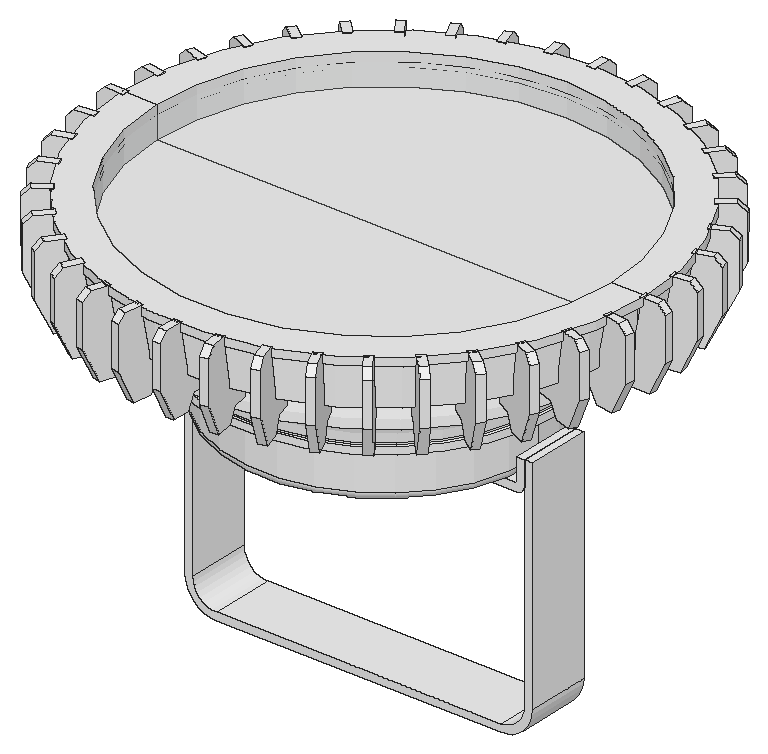
Revit family "HBLC", category Lighting Fixtures, host Face, Revit 2014 (continued)
Definition of nested family "KHL"
  Automatic sketch dimensions
    Extrusion 30 sketch curve to Extrusion 30 sketch curve = 0.57179"
    Extrusion 30 sketch curve to Extrusion 30 sketch curve = 0.43301"
    Extrusion 30 sketch curve to Extrusion 30 sketch curve = 1.02515"
    Extrusion 30 sketch curve to Extrusion 30 sketch curve = 0.80901"
    Extrusion 30 sketch curve to Extrusion 30 sketch curve = 0.99442"
    Extrusion 30 sketch curve to Extrusion 30 sketch curve = 0.15753"
    Extrusion 31 sketch curve to Extrusion 31 sketch curve = 0.50721"
    Extrusion 31 sketch curve to Extrusion 31 sketch curve = 0.250"  (x3)
    Extrusion 31 sketch curve to Extrusion 31 sketch curve = 0.80078"
    Extrusion 31 sketch curve to Extrusion 31 sketch curve = 0.19714"
    Extrusion 31 sketch curve to Extrusion 31 sketch curve = 0.5625"
    Extrusion 31 sketch curve to Extrusion 31 sketch curve = 0.57179"
    Extrusion 31 sketch curve to Extrusion 31 sketch curve = 0.43301"
    Extrusion 31 sketch curve to Extrusion 31 sketch curve = 1.02515"
    Extrusion 31 sketch curve to Extrusion 31 sketch curve = 0.80901"
    Extrusion 31 sketch curve to Extrusion 31 sketch curve = 0.99442"
    Extrusion 31 sketch curve to Extrusion 31 sketch curve = 0.15753"
    Extrusion 32 sketch curve to Extrusion 32 sketch curve = 0.50721"
    Extrusion 32 sketch curve to Extrusion 32 sketch curve = 0.250"  (x3)
    Extrusion 32 sketch curve to Extrusion 32 sketch curve = 0.80078"
    Extrusion 32 sketch curve to Extrusion 32 sketch curve = 0.19714"
    Extrusion 32 sketch curve to Extrusion 32 sketch curve = 0.5625"
    Extrusion 32 sketch curve to Extrusion 32 sketch curve = 0.57179"
    Extrusion 32 sketch curve to Extrusion 32 sketch curve = 0.43301"
    Extrusion 32 sketch curve to Extrusion 32 sketch curve = 1.02515"
    Extrusion 32 sketch curve to Extrusion 32 sketch curve = 0.80901"
    Extrusion 32 sketch curve to Extrusion 32 sketch curve = 0.99442"
    Extrusion 32 sketch curve to Extrusion 32 sketch curve = 0.15753"
    Extrusion 33 sketch curve to Extrusion 33 sketch curve = 0.50721"
    Extrusion 33 sketch curve to Extrusion 33 sketch curve = 0.250"  (x3)
    Extrusion 33 sketch curve to Extrusion 33 sketch curve = 0.80078"
    Extrusion 33 sketch curve to Extrusion 33 sketch curve = 0.19714"
    Extrusion 33 sketch curve to Extrusion 33 sketch curve = 0.5625"
    Extrusion 33 sketch curve to Extrusion 33 sketch curve = 0.57179"
    Extrusion 33 sketch curve to Extrusion 33 sketch curve = 0.43301"
    Extrusion 33 sketch curve to Extrusion 33 sketch curve = 1.02515"
    Extrusion 33 sketch curve to Extrusion 33 sketch curve = 0.80901"
    Extrusion 33 sketch curve to Extrusion 33 sketch curve = 0.99442"
    Extrusion 33 sketch curve to Extrusion 33 sketch curve = 0.15753"
    Extrusion 34 sketch curve to Extrusion 34 sketch curve = 0.50721"
    Extrusion 34 sketch curve to Extrusion 34 sketch curve = 0.250"  (x3)
    Extrusion 34 sketch curve to Extrusion 34 sketch curve = 0.80078"
    Extrusion 34 sketch curve to Extrusion 34 sketch curve = 0.19714"
    Extrusion 34 sketch curve to Extrusion 34 sketch curve = 0.5625"
    Extrusion 34 sketch curve to Extrusion 34 sketch curve = 0.57179"
    Extrusion 34 sketch curve to Extrusion 34 sketch curve = 0.43301"
    Extrusion 34 sketch curve to Extrusion 34 sketch curve = 1.02515"
    Extrusion 34 sketch curve to Extrusion 34 sketch curve = 0.80901"
    Extrusion 34 sketch curve to Extrusion 34 sketch curve = 0.99442"
    Extrusion 34 sketch curve to Extrusion 34 sketch curve = 0.15753"
    Extrusion 35 sketch curve to Extrusion 35 sketch curve = 0.50721"
    Extrusion 35 sketch curve to Extrusion 35 sketch curve = 0.250"  (x3)
    Extrusion 35 sketch curve to Extrusion 35 sketch curve = 0.80078"
    Extrusion 35 sketch curve to Extrusion 35 sketch curve = 0.19714"
    Extrusion 35 sketch curve to Extrusion 35 sketch curve = 0.5625"
    Extrusion 35 sketch curve to Extrusion 35 sketch curve = 0.57179"
    Extrusion 35 sketch curve to Extrusion 35 sketch curve = 0.43301"
    Extrusion 35 sketch curve to Extrusion 35 sketch curve = 1.02515"
    Extrusion 35 sketch curve to Extrusion 35 sketch curve = 0.80901"
    Extrusion 35 sketch curve to Extrusion 35 sketch curve = 0.99442"
    Extrusion 35 sketch curve to Extrusion 35 sketch curve = 0.15753"
    Extrusion 36 sketch curve to Extrusion 36 sketch curve = 0.50721"
    Extrusion 36 sketch curve to Extrusion 36 sketch curve = 0.250"  (x3)
    Extrusion 36 sketch curve to Extrusion 36 sketch curve = 0.80078"
    Extrusion 36 sketch curve to Extrusion 36 sketch curve = 0.19714"
    Extrusion 36 sketch curve to Extrusion 36 sketch curve = 0.5625"
    Extrusion 36 sketch curve to Extrusion 36 sketch curve = 0.57179"
    Extrusion 36 sketch curve to Extrusion 36 sketch curve = 0.43301"
    Extrusion 36 sketch curve to Extrusion 36 sketch curve = 1.02515"
    Extrusion 36 sketch curve to Extrusion 36 sketch curve = 0.80901"
    Extrusion 36 sketch curve to Extrusion 36 sketch curve = 0.99442"
    Extrusion 36 sketch curve to Extrusion 36 sketch curve = 0.15753"
    Extrusion 37 sketch curve to Extrusion 37 sketch curve = 0.50721"
    Extrusion 37 sketch curve to Extrusion 37 sketch curve = 0.250"  (x3)
    Extrusion 37 sketch curve to Extrusion 37 sketch curve = 0.80078"
    Extrusion 37 sketch curve to Extrusion 37 sketch curve = 0.19714"
    Extrusion 37 sketch curve to Extrusion 37 sketch curve = 0.5625"
    Extrusion 37 sketch curve to Extrusion 37 sketch curve = 0.57179"
    Extrusion 37 sketch curve to Extrusion 37 sketch curve = 0.43301"
    Extrusion 37 sketch curve to Extrusion 37 sketch curve = 1.02515"
    Extrusion 37 sketch curve to Extrusion 37 sketch curve = 0.80901"
    Extrusion 37 sketch curve to Extrusion 37 sketch curve = 0.99442"
    Extrusion 37 sketch curve to Extrusion 37 sketch curve = 0.15753"
    Extrusion 38 sketch curve to Extrusion 38 sketch curve = 0.50721"
    Extrusion 38 sketch curve to Extrusion 38 sketch curve = 0.250"  (x3)
    Extrusion 38 sketch curve to Extrusion 38 sketch curve = 0.80078"
    Extrusion 38 sketch curve to Extrusion 38 sketch curve = 0.19714"
    Extrusion 38 sketch curve to Extrusion 38 sketch curve = 0.5625"
    Extrusion 38 sketch curve to Extrusion 38 sketch curve = 0.57179"
    Extrusion 38 sketch curve to Extrusion 38 sketch curve = 0.43301"
    Extrusion 38 sketch curve to Extrusion 38 sketch curve = 1.02515"
    Extrusion 38 sketch curve to Extrusion 38 sketch curve = 0.80901"
    Extrusion 38 sketch curve to Extrusion 38 sketch curve = 0.99442"
    Extrusion 38 sketch curve to Extrusion 38 sketch curve = 0.15753"
    Extrusion 39 sketch curve to Extrusion 39 sketch curve = 0.50721"
    Extrusion 39 sketch curve to Extrusion 39 sketch curve = 0.250"  (x3)
    Extrusion 39 sketch curve to Extrusion 39 sketch curve = 0.80078"
    Extrusion 39 sketch curve to Extrusion 39 sketch curve = 0.19714"
    Extrusion 39 sketch curve to Extrusion 39 sketch curve = 0.5625"
    Extrusion 39 sketch curve to Extrusion 39 sketch curve = 0.57179"
    Extrusion 39 sketch curve to Extrusion 39 sketch curve = 0.43301"
    Extrusion 39 sketch curve to Extrusion 39 sketch curve = 1.02515"
    Extrusion 39 sketch curve to Extrusion 39 sketch curve = 0.80901"
    Extrusion 39 sketch curve to Extrusion 39 sketch curve = 0.99442"
    Extrusion 39 sketch curve to Extrusion 39 sketch curve = 0.15753"
    Extrusion 40 sketch curve to Extrusion 40 sketch curve = 0.50721"
    Extrusion 40 sketch curve to Extrusion 40 sketch curve = 0.250"  (x3)
    Extrusion 40 sketch curve to Extrusion 40 sketch curve = 0.80078"
    Extrusion 40 sketch curve to Extrusion 40 sketch curve = 0.19714"
    Extrusion 40 sketch curve to Extrusion 40 sketch curve = 0.5625"
    Extrusion 40 sketch curve to Extrusion 40 sketch curve = 0.57179"
    Extrusion 40 sketch curve to Extrusion 40 sketch curve = 0.43301"
    Extrusion 40 sketch curve to Extrusion 40 sketch curve = 1.02515"
    Extrusion 40 sketch curve to Extrusion 40 sketch curve = 0.80901"
    Extrusion 40 sketch curve to Extrusion 40 sketch curve = 0.99442"
    Extrusion 40 sketch curve to Extrusion 40 sketch curve = 0.15753"
    Extrusion 41 sketch curve to Extrusion 41 sketch curve = 0.50721"
    Extrusion 41 sketch curve to Extrusion 41 sketch curve = 0.250"  (x3)
    Extrusion 41 sketch curve to Extrusion 41 sketch curve = 0.80078"
    Extrusion 41 sketch curve to Extrusion 41 sketch curve = 0.19714"
    Extrusion 41 sketch curve to Extrusion 41 sketch curve = 0.5625"
    Extrusion 41 sketch curve to Extrusion 41 sketch curve = 0.57179"
    Extrusion 41 sketch curve to Extrusion 41 sketch curve = 0.43301"
    Extrusion 41 sketch curve to Extrusion 41 sketch curve = 1.02515"
    Extrusion 41 sketch curve to Extrusion 41 sketch curve = 0.80901"
    Extrusion 41 sketch curve to Extrusion 41 sketch curve = 0.99442"
    Extrusion 41 sketch curve to Extrusion 41 sketch curve = 0.15753"
    Extrusion 42 sketch curve to Extrusion 42 sketch curve = 0.50721"
    Extrusion 42 sketch curve to Extrusion 42 sketch curve = 0.250"  (x3)
    Extrusion 42 sketch curve to Extrusion 42 sketch curve = 0.80078"
    Extrusion 42 sketch curve to Extrusion 42 sketch curve = 0.19714"
    Extrusion 42 sketch curve to Extrusion 42 sketch curve = 0.5625"
    Extrusion 42 sketch curve to Extrusion 42 sketch curve = 0.57179"
    Extrusion 42 sketch curve to Extrusion 42 sketch curve = 0.43301"
    Extrusion 42 sketch curve to Extrusion 42 sketch curve = 1.02515"
    Extrusion 42 sketch curve to Extrusion 42 sketch curve = 0.80901"
    Extrusion 42 sketch curve to Extrusion 42 sketch curve = 0.99442"
    Extrusion 42 sketch curve to Extrusion 42 sketch curve = 0.15753"
    Extrusion 43 sketch curve to Extrusion 43 sketch curve = 0.50721"
    Extrusion 43 sketch curve to Extrusion 43 sketch curve = 0.250"  (x3)
    Extrusion 43 sketch curve to Extrusion 43 sketch curve = 0.80078"
    Extrusion 43 sketch curve to Extrusion 43 sketch curve = 0.19714"
    Extrusion 43 sketch curve to Extrusion 43 sketch curve = 0.5625"
    Extrusion 43 sketch curve to Extrusion 43 sketch curve = 0.57179"
    Extrusion 43 sketch curve to Extrusion 43 sketch curve = 0.43301"
    Extrusion 43 sketch curve to Extrusion 43 sketch curve = 1.02515"
    Extrusion 43 sketch curve to Extrusion 43 sketch curve = 0.80901"
    Extrusion 43 sketch curve to Extrusion 43 sketch curve = 0.99442"
    Extrusion 43 sketch curve to Extrusion 43 sketch curve = 0.15753"
    Revolve 2 sketch curve to plane 3 "Center (Left/Right)" = 0.000"  (x2)
    plane 8 to Revolve 2 sketch curve = 0.000"
    Revolve 2 sketch curve to plane 4 = 0.000"
    level to Revolve 2 sketch curve = 0.250"
    plane 8 to Revolve 2 sketch curve = 0.875"
    Revolve 2 sketch curve to Revolve 2 sketch curve = 0.18132"
    Revolve 2 sketch curve to plane 8 = 0.10927"
    Revolve 2 sketch curve to plane 8 = 0.32044"
    plane 6 to Revolve 2 sketch curve = 0.41781"
    plane 6 to Revolve 2 sketch curve = 0.4026"
    plane 6 to Revolve 2 sketch curve = 0.04698"
    plane 6 to Revolve 2 sketch curve = 0.01615"
    Revolve 2 sketch curve to plane 4 = 0.25493"
    Revolve 2 sketch curve to plane 6 = 0.78125"
    Revolve 2 sketch curve to Revolve 2 sketch curve = 0.250"
    Revolve 2 sketch curve to Revolve 2 sketch curve = 0.22746"
    Revolve 2 sketch curve to Revolve 2 sketch curve = 0.05014"
    Revolve 2 sketch curve to Revolve 2 sketch curve = 0.07308"
    Revolve 2 sketch curve to Revolve 2 sketch curve = 0.56496"
    Revolve 2 sketch curve to level = 4.500"
    plane 4 to Revolve 2 sketch curve = 2.500"
